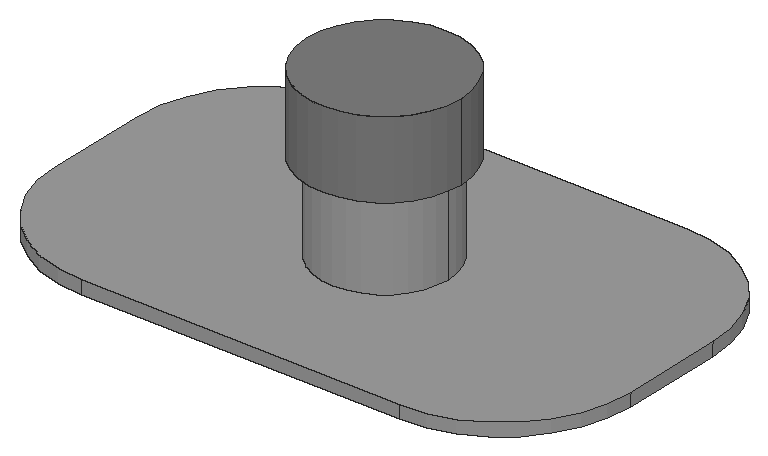
Revit family "12 mm Diameter Roller Wheel Sliding Wood Door Bottom Guide", category Generic Models, Revit 2016
Family settings
  Part Type = Normal
  Can host rebar = No
  Round Connector Dimension = Use Diameter
  Work Plane-Based = No
  Always vertical = Yes
  Cut with Voids When Loaded = No
  Shared = No
  Room Calculation Point = No
Reference planes
  plane 1 "Center (Front/Back)": y = 0
  plane 2: z = 0
  plane 3 "Center (Left/Right)": x = 0
Forms (mm)
  Extrusion 1, solid, material "metal"
    sketch origin (0, 0, 0) x (1, 0, 0) y (0, 1, 0)
      loop
        arc (-12.408, 13.606) -> (-19.479, 10.677) -> (-22.408, 3.606) r 10
        line (-22.408, 3.606) -> (-22.408, -4.394)
        arc (-22.408, -4.394) -> (-19.479, -11.465) -> (-12.408, -14.394) r 10
        line (-12.408, -14.394) -> (12.408, -14.394)
        arc (12.408, -14.394) -> (19.479, -11.465) -> (22.408, -4.394) r 10
        line (22.408, -4.394) -> (22.408, 3.606)
        arc (22.408, 3.606) -> (19.479, 10.677) -> (12.408, 13.606) r 10
        line (12.408, 13.606) -> (-12.408, 13.606)
    from 0 to 1
  Extrusion 2, solid, material "metal"
    sketch origin (0, 0, 1) x (1, 0, 0) y (0, 1, 0)
      loop
        circle (0, -0.394) r 5
    from 0 to 7
  Extrusion 3, solid, material "12 mm Diameter Roller Wheel Sliding Wood Door Bottom Guide"
    sketch origin (0, 0, 8) x (1, 0, 0) y (0, 1, 0)
      loop
        circle (0, -0.394) r 6.015
    from 0 to 6
Dimensions and locks
  aligned and locked: level to plane 2
